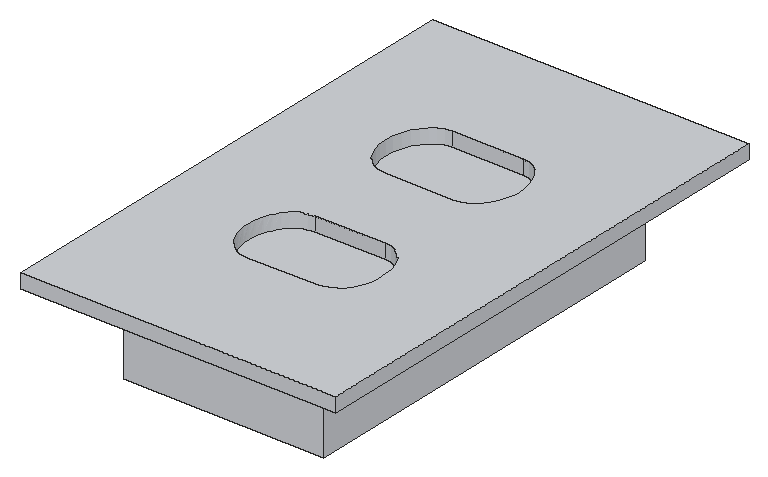
Revit family "Receptacle", category Electrical Fixtures, host Face, Revit 2025
Family settings
  Host = Face
  Round Connector Dimension = Use Diameter
  Part Type = Junction Box
  Cut with Voids When Loaded = No
  Maintain Annotation Orientation = Yes
  Shared = No
  Room Calculation Point = No
Parameters (values of type "Duplex (Flush with Ceiling)")
  x = 0.74588"
  Width = 2 3/4"
  Wall Mounted = no
  Symbol Distance [instance] = 0"
  Quad = no
  Height = 4 1/2"
  er = 0.27848"
  Depth = 1/8"
  Cut Distance = 0"
  Count = 1
  Ceiling Mounted = yes
  Back Depth = 3/4"
  Default Elevation = 48"
  Back Width = Width - Back Margin  # 1 3/4"
  Back Margin = 1"
  Back Height = Height - Back Margin  # 3 1/2"
Types (3): name | Width | Wall Mounted | Quad | Cut Distance | Count | Ceiling Mounted | Back Width | Back Margin | Back Height
  Duplex | 2 3/4" | yes | no | 0" | 1 | no | 1 3/4" | 1" | 3 1/2"
  Two Duplex | 4 1/2" | yes | yes | 1" | 2 | no | 4" | 1/2" | 4"
  Duplex (Flush with Ceiling) | 2 3/4" | no | no | 0" | 1 | yes | 1 3/4" | 1" | 3 1/2"
Reference planes (in)
  plane 1 "Center (Front/Back)": y = 0
  plane 2: z = 0
  plane 3 "Center (Left/Right)": x = 0
  plane 4: z = 0.125
  plane 5: z = -0.75
  plane 6: y = 0.75
  plane 7: x = -0.30682
  plane 8: x = 0.30682
  plane 9: y = -0.75
  plane 10: x = 0
  plane 11: y = 0.75
  plane 12: x = -0.30682
  plane 13: x = 0.30682
  plane 14: y = -0.75
  plane 15: x = 0
Forms (in)
  Extrusion 1, solid, detail levels medium+fine
    sketch origin (0, 0, 0) x (1, 0, 0) y (0, 1, 0)
      loop
        line (-1.375, 2.25) -> (-1.375, -2.25) -> (1.375, -2.25) -> (1.375, 2.25) -> (-1.375, 2.25)
    from 0 to 0.125
  Extrusion 2, solid, detail levels medium+fine
    sketch origin (0, 0, 0) x (1, 0, 0) y (0, 1, 0)
      loop
        line (-0.875, 1.75) -> (-0.875, -1.75) -> (0.875, -1.75) -> (0.875, 1.75) -> (-0.875, 1.75)
    from 0 to -0.75
  Extrusion 3, void
    sketch origin (0, 0, 0) x (1, 0, 0) y (0, 1, 0)
      loop
        spline (-0.30682, 1.12294) -> (-0.3789, 1.11023) -> (-0.44606, 1.07298) -> (-0.50374, 1.01371) -> (-0.54799, 0.93647) -> (-0.57581, 0.84652) -> (-0.5853, 0.75) -> (-0.57581, 0.65348) -> (-0.54799, 0.56353) -> (-0.50374, 0.48629) -> (-0.44606, 0.42702) -> (-0.3789, 0.38977) -> (-0.30682, 0.37706)
        line (-0.30682, 0.37706) -> (0.30682, 0.37706)
        spline (0.30682, 0.37706) -> (0.3789, 0.38977) -> (0.44606, 0.42702) -> (0.50374, 0.48629) -> (0.54799, 0.56353) -> (0.57581, 0.65348) -> (0.5853, 0.75) -> (0.57581, 0.84652) -> (0.54799, 0.93647) -> (0.50374, 1.01371) -> (0.44606, 1.07298) -> (0.3789, 1.11023) -> (0.30682, 1.12294)
        line (0.30682, 1.12294) -> (-0.30682, 1.12294)
      loop
        spline (-0.30682, -0.37706) -> (-0.3789, -0.38977) -> (-0.44606, -0.42702) -> (-0.50374, -0.48629) -> (-0.54799, -0.56353) -> (-0.57581, -0.65348) -> (-0.5853, -0.75) -> (-0.57581, -0.84652) -> (-0.54799, -0.93647) -> (-0.50374, -1.01371) -> (-0.44606, -1.07298) -> (-0.3789, -1.11023) -> (-0.30682, -1.12294)
        line (-0.30682, -1.12294) -> (0.30682, -1.12294)
        spline (0.30682, -1.12294) -> (0.3789, -1.11023) -> (0.44606, -1.07298) -> (0.50374, -1.01371) -> (0.54799, -0.93647) -> (0.57581, -0.84652) -> (0.5853, -0.75) -> (0.57581, -0.65348) -> (0.54799, -0.56353) -> (0.50374, -0.48629) -> (0.44606, -0.42702) -> (0.3789, -0.38977) -> (0.30682, -0.37706)
        line (0.30682, -0.37706) -> (-0.30682, -0.37706)
    from 0.125 to 0
  Extrusion 4, void
    sketch origin (0, 0, 0) x (1, 0, 0) y (0, 1, 0)
      loop
        spline (-0.30682, 1.12294) -> (-0.3789, 1.11023) -> (-0.44606, 1.07298) -> (-0.50374, 1.01371) -> (-0.54799, 0.93647) -> (-0.57581, 0.84652) -> (-0.5853, 0.75) -> (-0.57581, 0.65348) -> (-0.54799, 0.56353) -> (-0.50374, 0.48629) -> (-0.44606, 0.42702) -> (-0.3789, 0.38977) -> (-0.30682, 0.37706)
        line (-0.30682, 0.37706) -> (0.30682, 0.37706)
        spline (0.30682, 0.37706) -> (0.3789, 0.38977) -> (0.44606, 0.42702) -> (0.50374, 0.48629) -> (0.54799, 0.56353) -> (0.57581, 0.65348) -> (0.5853, 0.75) -> (0.57581, 0.84652) -> (0.54799, 0.93647) -> (0.50374, 1.01371) -> (0.44606, 1.07298) -> (0.3789, 1.11023) -> (0.30682, 1.12294)
        line (0.30682, 1.12294) -> (-0.30682, 1.12294)
      loop
        spline (-0.30682, -0.37706) -> (-0.3789, -0.38977) -> (-0.44606, -0.42702) -> (-0.50374, -0.48629) -> (-0.54799, -0.56353) -> (-0.57581, -0.65348) -> (-0.5853, -0.75) -> (-0.57581, -0.84652) -> (-0.54799, -0.93647) -> (-0.50374, -1.01371) -> (-0.44606, -1.07298) -> (-0.3789, -1.11023) -> (-0.30682, -1.12294)
        line (-0.30682, -1.12294) -> (0.30682, -1.12294)
        spline (0.30682, -1.12294) -> (0.3789, -1.11023) -> (0.44606, -1.07298) -> (0.50374, -1.01371) -> (0.54799, -0.93647) -> (0.57581, -0.84652) -> (0.5853, -0.75) -> (0.57581, -0.65348) -> (0.54799, -0.56353) -> (0.50374, -0.48629) -> (0.44606, -0.42702) -> (0.3789, -0.38977) -> (0.30682, -0.37706)
        line (0.30682, -0.37706) -> (-0.30682, -0.37706)
    from 0.125 to 0
Cuts and joins
  Extrusion 3, Extrusion 4 cuts Extrusion 1
  Extrusion 3, Extrusion 4 cuts Extrusion 2
Dimensions and locks (in)
  equal spacing: Extrusion 1 sketch curve, plane 3 "Center (Left/Right)", Extrusion 1 sketch curve
  "Width": Extrusion 1 sketch curve to Extrusion 1 sketch curve
  "Height": Extrusion 1 sketch curve to Extrusion 1 sketch curve
  equal spacing: Extrusion 1 sketch curve, plane 1 "Center (Front/Back)", Extrusion 1 sketch curve
  "Depth": plane 4 to plane 2
  "Back Depth": plane 2 to plane 5
  plane 6 to plane 1 "Center (Front/Back)" = 3/4"
  equal spacing: Extrusion 3 sketch curve, plane 6, Extrusion 3 sketch curve
  "x": Extrusion 3 sketch curve to Extrusion 3 sketch curve  (x2)
  equal spacing: Extrusion 3 sketch curve, plane 9, Extrusion 3 sketch curve
  "er": Extrusion 3 sketch curve to Extrusion 3 sketch curve  (x4)
  equal spacing: Extrusion 2 sketch curve, plane 3 "Center (Left/Right)", Extrusion 2 sketch curve
  equal spacing: Extrusion 2 sketch curve, plane 1 "Center (Front/Back)", Extrusion 2 sketch curve
  "Back Height": Extrusion 2 sketch curve to Extrusion 2 sketch curve
  "Back Width": Extrusion 2 sketch curve to Extrusion 2 sketch curve
  equal spacing: Extrusion 4 sketch curve, plane 11, Extrusion 4 sketch curve
  "x": Extrusion 4 sketch curve to Extrusion 4 sketch curve  (x2)
  equal spacing: Extrusion 4 sketch curve, plane 14, Extrusion 4 sketch curve
  "er": Extrusion 4 sketch curve to Extrusion 4 sketch curve  (x4)
  group 1 to group 2 = 0"  (x3)
  "Cut Distance": plane 10 to plane 3 "Center (Left/Right)"
  "Cut Distance": plane 3 "Center (Left/Right)" to plane 15
  aligned and locked: plane 2 to host face
  aligned and locked: level to host face
  aligned and locked: plane 4 to Extrusion 1
  aligned and locked: Extrusion 2 to plane 5
  aligned and locked: plane 7 to Extrusion 3 sketch curve  (x4)
  aligned and locked: plane 8 to Extrusion 3 sketch curve  (x3)
  aligned and locked: Extrusion 1 to Extrusion 3
  aligned and locked: Extrusion 3 to level
  aligned and locked: plane 12 to Extrusion 4 sketch curve  (x4)
  aligned and locked: plane 13 to Extrusion 4 sketch curve  (x3)
Automatic sketch dimensions
  host sketch curve to host sketch curve = 96"  (x2)
Nested families (in)
  nested 1: "Wall Mounted" at (0, 0, 0), visible <- "Wall Mounted", type "Standard"
  nested 2: "Ceiling Mounted" at (0, 0, 0), visible <- "Ceiling Mounted", type "Standard"
Connectors (in)
  electrical at (0, 0, 0.125)
    settings: on Extrusion 1, index 1, voltage 0 V, apparent load 0 VA, apparent load phase1 0 VA, apparent load phase2 0 VA, apparent load phase3 0 VA, power factor 1, load classification "Other", number of poles 1, system type 31, power factor state 1, is connector primary yes, connector utility no, sub classification motor no, connector description ""
Definition of nested family "Wall Mounted"
  Parameters (values of type "Standard")
    Two Duplex = yes
    Symbol Distance = 0"
    Diameter = 59/256"
    Center Height = Diameter * 1.5 * 0.6  # 0.20742"
    Ceiling = yes
  Reference planes (in)
    plane 1: y = 0
    plane 2: x = 0
  Lines and regions (in)
    detail lines
      curve 1: line (-0.03552, 0.30625, 0) -> (-0.03552, 0, 0)
      curve 2: line (0.03552, 0.30625, 0) -> (0.03552, 0, 0)
      curve 5: circle (0, 0.19662, 0) r 0.11523 normal (0, 0, 1)
    reference lines
      curve 3: line (-0.21695, 0, 0) -> (0.23487, 0, 0)
      curve 4: line (-0.15472, 0.20742, 0) -> (0.32266, 0.20742, 0)
      curve 7: line (-0.15472, 0.3862, 0) -> (-0.15472, 0.10585, 0)
      curve 8: line (0.15472, 0.39433, 0) -> (0.15472, 0.11398, 0)
    detail lines, visible <- "Two Duplex"
      curve 6: line (-0.15472, 0.24281, 0) -> (0.15472, 0.24281, 0)
      curve 9: line (-0.15472, 0.17203, 0) -> (0.15472, 0.17203, 0)
    detail lines, not visible
      curve 10: line (-0.03552, 0.30625, 0) -> (-0.03552, 0, 0)
      curve 11: line (0.03552, 0.30625, 0) -> (0.03552, 0, 0)
      curve 14: circle (0, 0.19662, 0) r 0.11523 normal (0, 0, 1)
    reference lines, not visible
      curve 12: line (-0.21695, 0, 0) -> (0.23487, 0, 0)
      curve 13: line (-0.15472, 0.20742, 0) -> (0.32266, 0.20742, 0)
      curve 16: line (-0.15472, 0.3862, 0) -> (-0.15472, 0.10585, 0)
      curve 17: line (0.15472, 0.39433, 0) -> (0.15472, 0.11398, 0)
    detail lines, visible <- "Two Duplex", not visible
      curve 15: line (-0.15472, 0.24281, 0) -> (0.15472, 0.24281, 0)
      curve 18: line (-0.15472, 0.17203, 0) -> (0.15472, 0.17203, 0)
    detail lines, visible <- "Ceiling"
      curve 19: line (-0.15472, 0.31877, 0) -> (-0.15472, 0, 0)
      curve 20: line (0.15472, 0.31877, 0) -> (0.15472, 0, 0)
      curve 21: line (0.15472, 0.31877, 0) -> (-0.15472, 0.31877, 0)
      curve 22: line (-0.15472, 0, 0) -> (0.15472, 0, 0)
    detail lines, visible <- "Ceiling", not visible
      curve 23: line (-0.15472, 0.31877, 0) -> (-0.15472, 0, 0)
      curve 24: line (0.15472, 0.31877, 0) -> (0.15472, 0, 0)
      curve 25: line (0.15472, 0.31877, 0) -> (-0.15472, 0.31877, 0)
      curve 26: line (-0.15472, 0, 0) -> (0.15472, 0, 0)
  Dimensions and locks (in)
    "Symbol Distance": plane 1 to curve 3
  Automatic sketch dimensions
    curve 9 to curve 5 = 0.15472"
    curve 5 to curve 20 = 0.15472"
    curve 1 to curve 5 = 0.19662"
    curve 5 to curve 21 = 0.12215"
    curve 1 to curve 5 = 0.03552"
    curve 1 to curve 2 = 0.07104"
    curve 9 to curve 20 = 0.14674"
    curve 9 to curve 6 = 0.07078"
    curve 5 to curve 2 = 0.10962"
    curve 18 to curve 14 = 0.15472"
    curve 14 to curve 24 = 0.15472"
    curve 10 to curve 14 = 0.19662"
    curve 14 to curve 25 = 0.12215"
    curve 10 to curve 14 = 0.03552"
    curve 10 to curve 11 = 0.07104"
    curve 18 to curve 24 = 0.14674"
    curve 18 to curve 15 = 0.07078"
    curve 14 to curve 11 = 0.10962"
Definition of nested family "Ceiling Mounted"
  Parameters (values of type "Standard")
    Symbol Distance = 0"
    Diameter = 59/256"
    Center Height = Diameter * 1.5 * 0.6  # 0.20742"
  Reference planes (in)
    plane 1: y = 0
    plane 2: x = 0
  Lines and regions (in)
    detail lines, not visible
      curve 1: line (-0.03552, 0.30625, 0) -> (-0.03552, 0, 0)
      curve 2: line (0.03552, 0.30625, 0) -> (0.03552, 0, 0)
      curve 5: circle (0, 0.19662, 0) r 0.11523 normal (0, 0, 1)
      curve 6: line (-0.15472, 0.24281, 0) -> (0.15472, 0.24281, 0)
      curve 9: line (-0.15472, 0.17203, 0) -> (0.15472, 0.17203, 0)
      curve 10: line (-0.15472, 0.31877, 0) -> (-0.15472, 0, 0)
      curve 11: line (0.15472, 0.31877, 0) -> (0.15472, 0, 0)
      curve 12: line (0.15472, 0.31877, 0) -> (-0.15472, 0.31877, 0)
      curve 13: line (-0.15472, 0, 0) -> (0.15472, 0, 0)
    reference lines, not visible
      curve 3: line (-0.21695, 0, 0) -> (0.23487, 0, 0)
      curve 4: line (-0.15472, 0.20742, 0) -> (0.32266, 0.20742, 0)
      curve 7: line (-0.15472, 0.3862, 0) -> (-0.15472, 0.10585, 0)
      curve 8: line (0.15472, 0.39433, 0) -> (0.15472, 0.11398, 0)
    detail lines
      curve 14: line (-0.03552, 0.14686, 0) -> (-0.03552, -0.15938, 0)
      curve 15: line (0.03552, 0.14686, 0) -> (0.03552, -0.15938, 0)
      curve 16: circle (0, 0.03724, 0) r 0.11523 normal (0, 0, 1)
      curve 17: line (-0.15472, 0.15938, 0) -> (-0.15472, -0.15938, 0)
      curve 18: line (0.15472, 0.15938, 0) -> (0.15472, -0.15938, 0)
      curve 19: line (0.15472, 0.15938, 0) -> (-0.15472, 0.15938, 0)
      curve 20: line (-0.15472, -0.15938, 0) -> (0.15472, -0.15938, 0)
